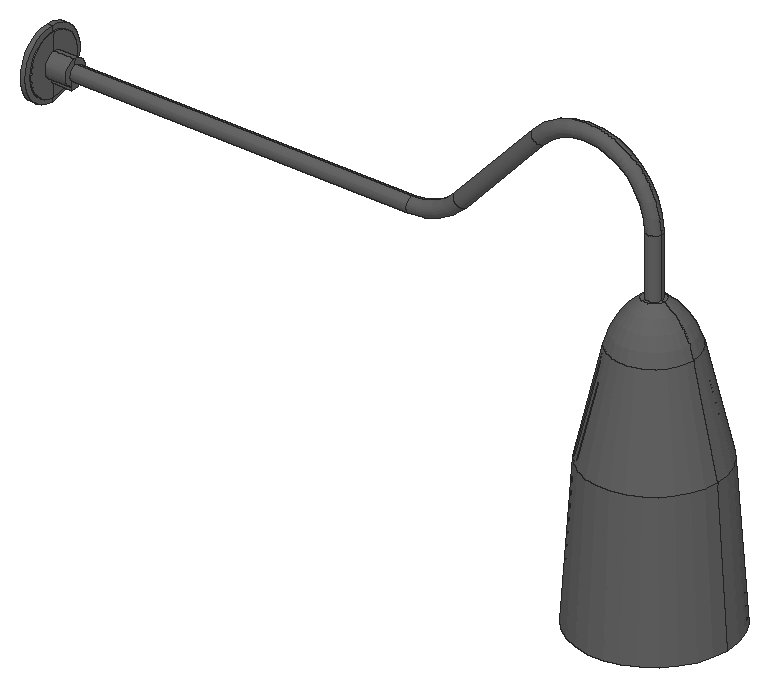
Revit family "Parabowl 08,10 LED", category Lighting Fixtures, Revit 2020
Family settings
  Round Connector Dimension = Use Diameter
  Part Type = Normal
  OmniClass Number = 23.80.70.00
  OmniClass Title = Lighting
  Work Plane-Based = No
  Always vertical = Yes
  Cut with Voids When Loaded = No
  Light Source = Yes
  Shared = No
  Room Calculation Point = No
Parameters (values of type "PB10")
  b = 0' - 2"
  a = 1' - 1"
  Weight = "4.0 lbs"
  Wattage Comments = "16 W"
  Wattage = 13.4642 W
  Warranty = "5 year limited warranty"  # constant formula
  built-in parameter 1150110 = 1 (stored number, unit not read)
  Voltage = 277 V  # constant formula
  URL = "https://www.anplighting.com/assets/Uploads/product-attachments/specification-sheets/ANP-Specification-Sheet-RLM-LED-PB10.pdf"
  built-in parameter 1114217 = 1 (stored number, unit not read)
  Tilt Angle = 90.00°
  built-in parameter 1150109 = 1 (stored number, unit not read)
  built-in parameter 1150134 = 12
  built-in parameter 1150113 = 1 (stored number, unit not read)
  Photometric Web File = "generic.ies"
  PB10 = yes
  PB08 = no
  Mounting Option [instance] = 4
  Power Factor = 1
  Post Mount [instance] = Mounting Option = 5  # no
  Placement X axis side [instance] = if(Post Mount, 2' 2 15/32", if(Cord or Stem Mount, 0' 0", if(E36 20 inch, 1' 8 1/4", if(E 6 26 inch, 2' 2", if(E7 41 inch, 3' 5 1/4", 0' 1")))))  # 3' - 5 1/4"
  Model = "PB10"
  Manufacturer = "ANP Lighting"  # constant formula
  built-in parameter 1150105 = 159.15 (stored number, unit not read)
  Lumens = 2000 lm
  built-in parameter 1150115 = 1 (stored number, unit not read)
  Load Classification = Lighting
  Light Source Height [instance] = 0' - 0"
  built-in parameter 1150137 = (empty or 0)
  built-in parameter 1150139 = (empty or 0)
  Light Elevation _2 [instance] = if(Post Mount, 0' 0.66142", if(E7 41 inch, 0' 0.66142", if(E36 20 inch, 0' 1.65748", if(E 6 26 inch, 0' 1.53543", if(Cord or Stem Mount, (0' 4.3622" + Cord Length), 0' 0")))))  # 0' - 0.66142"
  Light Elevation _1 [instance] = if(Post Mount, 0' 0", if(E7 41 inch, 0' 0", if(E36 20 inch, 0' 1", if(E 6 26 inch, 0' 0.87402", if(Cord or Stem Mount, (0' 3.66142" + Cord Length), 0' 0")))))  # 0' - 0"
  Light Elevation [instance] = if(Post Mount, 14' 0.5315", if(E7 41 inch, 0' 0", 0' 0"))  # 0' - 0"
  Life = "L70 50,000 hours"  # constant formula
  built-in parameter 1150112 = 1 (stored number, unit not read)
  built-in parameter 1150114 = 1 (stored number, unit not read)
  Lamp = "LED"
  built-in parameter 1150132 = 2
  built-in parameter 1150102 = (empty or 0)
  built-in parameter 1150107 = 4000 (stored number, unit not read)
  built-in parameter 1150138 = (empty or 0)
  built-in parameter 1150106 = 1.5915 (stored number, unit not read)
  INSIDE BODY = Default
  Fixture Height = 1' - 7 3/4"
  Fixture Diameter = 0' - 10"
  Efficiency = "97-125 lumens per watt"  # constant formula
  built-in parameter 1150104 = 13.8 (stored number, unit not read)
  E7 41 inch [instance] = Mounting Option = 4  # yes
  E36 20 inch [instance] = Mounting Option = 3  # no
  E 6 26 inch [instance] = Mounting Option = 2  # no
  Dimming Lamp Color Temperature Shift = <None>
  Dimming = "1%"  # constant formula
  Description = "120-277 Voltage"  # constant formula
  Default Elevation = 0' - 0"
  Cord or Stem Mount [instance] = Mounting Option = 1  # no
  Cord Length option [instance] = 0
  Cord Length [instance] = if([2' Cord], 2' 0", if([4' Cord], 4' 0", if([8' Cord], 8' 0", if([10' Cord], 10' 0", if([6' Cord], 6' 0", 6' 0")))))  # 6' - 0"
  Construction Material = "Heavy Duty spun aluminum."  # constant formula
  Color Filter = 16777215
  Canopy Body = body
  CRI = ">90"  # constant formula
  Bulb = BULB
  Body Material = body
  Body Colour = "Spun aluminium"  # constant formula
  built-in parameter 1114218 = 1 (stored number, unit not read)
  built-in parameter 1150133 = 10 (stored number, unit not read)
  Apparent Load = 16 VA
  8' Cord [instance] = Cord Length option = 8  # no
  6' Cord [instance] = Cord Length option = 6  # no
  4' Cord [instance] = Cord Length option = 4  # no
  2' Cord [instance] = Cord Length option = 2  # no
  10' Cord [instance] = Cord Length option = 10  # no
Types (3): name | a | Weight | URL | PB10 | PB08 | Model | Fixture Height | Fixture Diameter
  (no name) | 1' - 1" | "4.0 lbs" | "https://www.anplighting.com/assets/Uploads/product-attachments/specification-sheets/ANP-Specification-Sheet-RLM-LED-PB10.pdf" | yes | no | "PB10" | 1' - 7 3/4" | 0' - 10"
  PB08 | 0' - 11" | "2.5 lbs" | "https://www.anplighting.com/assets/Uploads/product-attachments/specification-sheets/ANP-Specification-Sheet-RLM-LED-PB08.pdf" | no | yes | "PB08" | 1' - 3 3/4" | 0' - 8"
  PB10 | 1' - 1" | "4.0 lbs" | "https://www.anplighting.com/assets/Uploads/product-attachments/specification-sheets/ANP-Specification-Sheet-RLM-LED-PB10.pdf" | yes | no | "PB10" | 1' - 7 3/4" | 0' - 10"
Reference planes (in)
  plane 1 "Light Source Axis (F/B)": y = 0
  plane 2: z = 0
  plane 3 "Light Source Axis (L/R)": x = 0
  plane 4 "Light Source Elevation": z = 0
  plane 5: z = 0
  plane 6: x = 41.25
  plane 7 "Bulb Position": z = -0.66142
  plane 8 "Canopy Position": z = 0
  plane 9 "IES": z = -0.66142
  plane 10: z = 164.5315
  plane 11: z = -13
  plane 12: z = -11
  plane 13: z = -8.56887
Dimensions and locks (in)
  "Light Elevation": plane 5 to plane 2
  "Placement X axis side": plane 6 to plane 3 "Light Source Axis (L/R)"
  "Light Elevation _2": plane 5 to plane 7 "Bulb Position"
  "Light Elevation _1": plane 5 to plane 8 "Canopy Position"
  "Light Source Height": plane 7 "Bulb Position" to plane 9 "IES"
  plane 4 "Light Source Elevation" to plane 2 = 0' - 0"
  "a": plane 8 "Canopy Position" to plane 11
  "b": plane 12 to plane 11
  locked: plane 13 to plane 12 at 2.43113
  aligned and locked: level to plane 2
  aligned and locked: plane 1 "Light Source Axis (F/B)" to nested 5
  aligned and locked: nested 5 to plane 2
  aligned and locked: nested 1 to plane 3 "Light Source Axis (L/R)"
  aligned and locked: plane 3 "Light Source Axis (L/R)" to nested 2
  aligned and locked: plane 3 "Light Source Axis (L/R)" to nested 4
  aligned and locked: nested 3 to plane 5
  aligned and locked: plane 3 "Light Source Axis (L/R)" to nested 3
  aligned and locked: plane 3 "Light Source Axis (L/R)" to nested 5
  aligned and locked: plane 1 "Light Source Axis (F/B)" to nested 2
  aligned and locked: plane 1 "Light Source Axis (F/B)" to nested 1
  aligned and locked: plane 1 "Light Source Axis (F/B)" to nested 4
  aligned and locked: plane 1 "Light Source Axis (F/B)" to nested 3
  aligned and locked: plane 2 to nested 1
  aligned and locked: nested 2 to plane 2
  aligned and locked: nested 4 to plane 2
  aligned and locked: plane 6 to imposter light
  aligned and locked: imposter light to plane 12
  aligned and locked: nested 6 to plane 8 "Canopy Position"
  aligned and locked: nested 7 to plane 8 "Canopy Position"
  aligned and locked: plane 6 to nested 6
  aligned and locked: plane 6 to nested 7
Nested families (in)
  nested 1: "CORD OR STEM MOUNT" at (0, 0, -75.67), visible <- "Cord or Stem Mount", Cord or Stem Mount <- "Cord or Stem Mount", Body Material <- "Body Material", Light Elevation <- "Light Elevation", Cord Length <- "Cord Length", 10' Cord <- "10' Cord", 2' Cord <- "2' Cord", 4' Cord <- "4' Cord", 6' Cord <- "6' Cord", 8' Cord <- "8' Cord", type "CORD OR STEM MOUNT"
    with Light Elevation 0' - 0", Cord or Stem Mount no, Cord Length 6' - 0", Body Material body, 8' Cord no, 6' Cord no, 4' Cord no, 2' Cord no, 10' Cord no
  nested 2: "E6 26 INCH" at (41.25, 0, 0), visible <- "E 6 26 inch", Chain Length <- "Cord Length", E 6 26 inch <- "E 6 26 inch", Placement X axis side <- "Placement X axis side", Body Material <- "Body Material", Light Elevation <- "Light Elevation", type "E6 26 INCH"
    with Placement X axis side 3' - 5 1/4", Light Elevation 0' - 0", E 6 26 inch no, Chain Length 6' - 0", Body Material body
  nested 3: "E7 41 INCH" at (41.25, 0, 0), Chain Length <- "Cord Length", visible <- "E7 41 inch", E7 41 inch <- "E7 41 inch", Placement X axis side <- "Placement X axis side", Body Material <- "Body Material", Light Elevation <- "Light Elevation", type "E7 41 INCH"
    with Placement X axis side 3' - 5 1/4", Light Elevation 0' - 0", E7 41 inch yes, Chain Length 6' - 0", Body Material body
  nested 4: "E36 20 INCH" at (41.25, 0, 0), visible <- "E36 20 inch", E36 20 inch <- "E36 20 inch", Placement X axis side <- "Placement X axis side", Chain Length <- "Cord Length", Body Material <- "Body Material", Light Elevation <- "Light Elevation", type "E36 20 INCH"
    with Placement X axis side 3' - 5 1/4", Light Elevation 0' - 0", E36 20 inch no, Chain Length 6' - 0", Body Material body
  nested 5: "POST MOUNT" at (41.25, 0, 0), visible <- "Post Mount", Post Mount <- "Post Mount", Placement X axis side <- "Placement X axis side", Chain Length <- "Cord Length", Body Material <- "Body Material", Light Elevation <- "Light Elevation", type "POST MOUNT"
    with Post Mount no, Placement X axis side 3' - 5 1/4", Light Elevation 0' - 0", Chain Length 6' - 0", Body Material body
  nested 6: "PB08 A_" at (41.25, 0, 0), Body <- "Canopy Body", Light Elevation <- "Light Elevation", visible <- "PB08", PB08 <- "PB08", Bulb <- "Bulb", INSIDE BODY <- "INSIDE BODY", type "PB08 A_"
    with PB08 no, Light Elevation 0' - 0", INSIDE BODY Default, Bulb BULB, Body body
  nested 7: "PB10" at (41.25, 0, 0), Body <- "Canopy Body", Light Elevation <- "Light Elevation", visible <- "PB10", PB10 <- "PB10", Bulb <- "Bulb", INSIDE BODY <- "INSIDE BODY", type "PB10"
    with PB10 yes, Light Elevation 0' - 0", INSIDE BODY Default, Bulb BULB, Body body
Definition of nested family "E7 41 INCH"
  Parameters (values of type "E7 41 INCH")
    URL = ""
    Placement X axis side [instance] = 4' - 2"
    Model = ""
    Manufacturer = ""
    Light Elevation [instance] = 8' - 4"
    E7 41 inch [instance] = yes
    Default Elevation = 0' - 0"
    Chain Length [instance] = 0' - 0"
    Body Material [instance] = none
  Reference planes (in)
    plane 1 "Light Source Axis (F/B)": y = 0
    plane 2: z = 0
    plane 3 "Light Source Axis (L/R)": x = 0
    plane 4 "Light Source Elevation": z = 23.125
    plane 5: z = 100
    plane 6: x = -50
  Forms (in)
    Extrusion 1, void, not visible
      sketch origin (0, 0, 2.38154) x (1, 0, 0) y (0, 0, 1)
        loop
          circle (0, 4.59925) r 0.16583
      from 1.18594 to 1.75
    Extrusion 2, void, not visible
      sketch origin (0, 0, 2.38154) x (0.707107, -0.707107, 0) y (0, 0, 1)
        loop
          circle (0, 4.59925) r 0.16583
      from 1.18594 to 1.75
    Extrusion 3, void, not visible
      sketch origin (0, 0, 2.38154) x (0.707107, 0.707107, 0) y (0, 0, 1)
        loop
          circle (0, 4.59925) r 0.16583
      from 1.18594 to 1.75
    Extrusion 4, void, not visible
      sketch origin (0, 0, 2.38154) x (0, 1, 0) y (0, 0, 1)
        loop
          circle (0, 4.59925) r 0.16583
      from 1.18594 to 1.75
    Extrusion 5, void, not visible
      sketch origin (0, 0, 2.38154) x (-0.707107, 0.707107, 0) y (0, 0, 1)
        loop
          circle (0, 4.59925) r 0.16583
      from 1.18594 to 1.75
    Extrusion 6, void, not visible
      sketch origin (0, 0, 2.38154) x (-1, 0, 0) y (0, 0, 1)
        loop
          circle (0, 4.59925) r 0.20678
      from 1.18594 to 1.75
    Extrusion 7, void, not visible
      sketch origin (0, 0, 2.38154) x (-0.707107, -0.707107, 0) y (0, 0, 1)
        loop
          circle (0, 4.59925) r 0.16583
      from 1.18594 to 1.75
    Extrusion 8, void, not visible
      sketch origin (0, 0, 2.38154) x (0, -1, 0) y (0, 0, 1)
        loop
          circle (0, 4.59925) r 0.16583
      from 1.18594 to 1.75
    Revolve 9, solid, material <- "Body Material", visible <- "E7 41 inch"
      sketch origin (-41.25, 0, 168.39193) x (1, 0, 0) y (0, 0, 1)
        loop
          line (-8.75, -66.20443) -> (-8.75, -68.51693) -> (-6.87, -68.51693) -> (-6.87, -67.69272) -> (-8.2974, -67.69272) -> (-8.2974, -66.54122) -> (-8.41875, -66.54122) -> (-8.41875, -66.20443) -> (-8.75, -66.20443)
        axis (-8.75, -68.51693) -> (-6.87, -68.51693)
      angle from 0 to 360
    Extrusion 10, solid, material <- "Body Material", visible <- "E7 41 inch"
      sketch origin (-41.25, 0, 168.39193) x (0, -1, 0) y (0, 0, -1)
        loop
          line (0.25, 68.51693) -> (0.25, 69.51693) -> (-0.25, 69.51693) -> (-0.25, 68.51693) -> (0.25, 68.51693)
      from -8.2974 to -6.87
    Sweep 11, solid, material <- "Body Material", visible <- "E7 41 inch"
      path origin (-41.25, 0, 168.39193) x (1, 0, 0) y (0, 0, 1)
        loop
          line (-6.87, -68.51693) -> (16.04011, -68.51693)
          arc (16.04011, -68.51693) -> (17.864, -68.13651) -> (19.38375, -67.0587) r 4.5625
          line (19.38375, -67.0587) -> (24.70217, -61.33018)
          arc (24.70217, -61.33018) -> (29.64465, -60.20324) -> (32.5, -64.39193) r 4.5
          line (32.5, -64.39193) -> (32.5, -68.39193)
      profile origin (-36.66494, 0, 99.875) x (0, 0, 1) y (0, -1, 0)
        loop
          circle (0, 0) r 0.5
  Dimensions and locks (in)
    "Placement X axis side": plane 3 "Light Source Axis (L/R)" to plane 6
    "Light Elevation": plane 5 to plane 2
    locked: Revolve 9 sketch curve to Revolve 9 sketch curve at 0.33125
    locked: Revolve 9 sketch curve to Revolve 9 sketch curve at 0.4526
    locked: Revolve 9 sketch curve to Revolve 9 sketch curve at 1.88
    locked: Revolve 9 sketch curve to Revolve 9 sketch curve at 0.82421
    locked: Revolve 9 sketch curve to Revolve 9 sketch curve at 1.1515
    locked: Revolve 9 sketch curve to Revolve 9 sketch curve at 0.33679
    locked: plane 5 to Revolve 9 sketch curve at 0.125
    locked: Extrusion 10 sketch curve to Extrusion 10 sketch curve at 0.5
    locked: Extrusion 10 sketch curve to Extrusion 10 sketch curve at 1
    locked: plane 5 to Extrusion 10 sketch curve at 0.125
    locked: plane 5 to Sweep 11 sketch curve at 0.125
    locked: Sweep 11 sketch curve to Sweep 11 sketch curve at 39.37
    locked: Sweep 11 sketch curve to Sweep 11 sketch curve at 4
    locked: plane 6 to Extrusion 10 at 0.4526
    locked: Sweep 11 sketch curve to plane 6 at 1.88
    locked: Extrusion 10 to Extrusion 10 at 1.4274
    aligned and locked: plane 2 to level
    aligned and locked: Revolve 9 sketch curve to plane 6
  Automatic sketch dimensions
    Revolve 9 sketch curve to plane 5 = 0' - 0 1/8"
    plane 6 to Revolve 9 sketch curve = 0' - 0.62562"
    Revolve 9 sketch curve to Revolve 9 sketch curve = 0' - 0 1/2"
    plane 1 "Light Source Axis (F/B)" to Extrusion 10 sketch curve = 0' - 0 1/4"
    Sweep 11 sketch curve to plane 5 = 0' - 0"
    Sweep 11 sketch curve to Sweep 11 sketch curve = 0' - 4 1/2"
    Sweep 11 sketch curve to Sweep 11 sketch curve = 0' - 3.29783"
    plane 5 to Sweep 11 sketch curve = 0' - 1.33323"
    Sweep 11 sketch curve to Sweep 11 sketch curve = 0' - 5.31842"
    Sweep 11 sketch curve to Sweep 11 sketch curve = 0' - 3.34364"
    profile plane to Sweep 11 sketch curve = 0' - 0"
    Sweep 11 sketch curve to profile plane = 0' - 0"
    radius of Sweep 11 sketch curve = 0' - 0 1/2"
Definition of nested family "PB10"
  Parameters (values of type "PB10")
    PB10 [instance] = yes
    Light Elevation [instance] = 0' - 0"
    INSIDE BODY [instance] = none
    Default Elevation = 0' - 0"
    Bulb [instance] = none
    Body [instance] = none
  Reference planes (in)
    plane 1 "Center (Front/Back)": y = 0
    plane 2: z = 0
    plane 3 "Center (Left/Right)": x = 0
    plane 4: z = 0
  Dimensions and locks (in)
    "Light Elevation": plane 4 to plane 2
    aligned and locked: plane 2 to level
    aligned and locked: plane 3 "Center (Left/Right)" to nested 1
    aligned and locked: plane 1 "Center (Front/Back)" to nested 1
    aligned and locked: plane 4 to nested 1
  Nested families (in)
    nested 1: "Family1" at (0, 0, -19.75), INSIDE BODY <- "INSIDE BODY", Bulb <- "Bulb", Body <- "Body", visible <- "PB10", PB10 <- "PB10", type "Family1"
      with PB10 yes, INSIDE BODY none, Bulb none, Body none
  Definition of nested family "Family1"
    Parameters (values of type "Family1")
      PB10 [instance] = yes
      INSIDE BODY [instance] = none
      Default Elevation = 0' - 0"
      Bulb [instance] = none
      Body [instance] = none
    Reference planes (in)
      plane 1 "Center (Front/Back)": y = 0
      plane 2: z = 0
      plane 3 "Center (Left/Right)": x = 0
    Forms (in)
      Revolve 1, solid, material <- "Body", visible <- "PB10"
        sketch origin (0, 0, 0) x (1, 0, 0) y (0, 0, 1)
          loop
            line (4.89999, 0) -> (5, 0)
            arc (5, 0) -> (4.87847, 5.00888) -> (4.34925, 9.9912) r 61.44615
            arc (4.34925, 9.9912) -> (3.67992, 13.45611) -> (2.70718, 16.84837) r 39.91572
            arc (2.70718, 16.84837) -> (1.99137, 18.47643) -> (0.75, 19.75) r 4.98934
            line (0.75, 19.75) -> (0.12325, 19.75) -> (0.12325, 19.65) -> (0.71784, 19.65)
            arc (0.71784, 19.65) -> (1.91857, 18.40547) -> (2.61095, 16.8208) r 4.88934
            arc (2.61095, 16.8208) -> (3.58216, 13.43499) -> (4.25033, 9.97659) r 39.81572
            arc (4.25033, 9.97659) -> (4.77873, 5.00155) -> (4.89999, 0) r 61.34615
          axis (0, 0) -> (0, 19.75)
        angle from 0 to 360
      Revolve 2, solid, material <- "INSIDE BODY", visible <- "PB10"
        sketch origin (0, 0, 0) x (1, 0, 0) y (0, 0, 1)
          loop
            line (0.12325, 19.63438) -> (0.12325, 19.53438) -> (0.5954, 19.53438)
            arc (0.5954, 19.53438) -> (1.12651, 19.06571) -> (1.58914, 18.52933) r 5.20956
            arc (1.58914, 18.52933) -> (2.08605, 17.70336) -> (2.40521, 16.79381) r 4.73033
            arc (2.40521, 16.79381) -> (3.38269, 13.30702) -> (4.09916, 9.7574) r 48.84398
            arc (4.09916, 9.7574) -> (4.57085, 4.88936) -> (4.6906, 0) r 67.8439
            line (4.6906, 0) -> (4.79061, 0)
            arc (4.79061, 0) -> (4.67058, 4.89673) -> (4.19808, 9.77208) r 67.9439
            arc (4.19808, 9.77208) -> (3.48052, 13.32789) -> (2.50157, 16.8208) r 48.94398
            arc (2.50157, 16.8208) -> (2.17574, 17.74762) -> (1.66913, 18.58934) r 4.83033
            arc (1.66913, 18.58934) -> (1.18561, 19.14813) -> (0.62919, 19.63438) r 5.30956
            line (0.62919, 19.63438) -> (0.12325, 19.63438)
          axis (0, 0) -> (0, 19.63438)
        angle from 0 to 360
      Revolve 3, solid, material <- "Bulb", visible <- "PB10"
        sketch origin (0, 0, 0) x (1, 0, 0) y (0, 0, 1)
          loop
            arc (0, 8.5) -> (0.8995, 8.87258) -> (1.27208, 9.77208) r 1.27208
            line (1.27208, 9.77208) -> (1.77208, 9.77208) -> (1.77208, 10.02208) -> (1.49331, 10.02208) -> (1.49331, 11.02208) -> (0, 11.02208) -> (0, 10.97208) -> (1.44331, 10.97208) -> (1.44331, 9.97208) -> (1.72208, 9.97208) -> (1.72208, 9.82208) -> (1.22106, 9.82208)
            arc (1.22106, 9.82208) -> (0.88164, 8.9258) -> (0, 8.55) r 1.22208
            line (0, 8.55) -> (0, 8.5)
          axis (0, 8.5) -> (0, 11.02208)
        angle from 0 to 360
    Dimensions and locks (in)
      locked: Revolve 3 to plane 2 at 11.02208
      aligned and locked: plane 2 to level
Definition of nested family "CORD OR STEM MOUNT"
  Parameters (values of type "CORD OR STEM MOUNT")
    URL = ""
    Model = ""
    Manufacturer = ""
    Light Elevation [instance] = 1' - 7.69"
    Default Elevation = 0' - 0"
    Cord or Stem Mount [instance] = yes
    Cord Length [instance] = 6' - 0"
    Body Material [instance] = none
    8' Cord [instance] = no
    6' Cord [instance] = no
    4' Cord [instance] = no
    2' Cord [instance] = no
    10' Cord [instance] = no
  Reference planes (in)
    plane 1 "Light Source Axis (F/B)": y = 0
    plane 2: z = 0
    plane 3 "Light Source Axis (L/R)": x = 0
    plane 4 "Light Source Elevation": z = 23.125
    plane 5: z = 91.69
    plane 6: z = 19.69
  Forms (in)
    Extrusion 1, void, not visible
      sketch origin (0, 0, 2.38154) x (1, 0, 0) y (0, 0, 1)
        loop
          circle (0, 4.59925) r 0.16583
      from 1.18594 to 1.75
    Extrusion 2, void, not visible
      sketch origin (0, 0, 2.38154) x (0.707107, -0.707107, 0) y (0, 0, 1)
        loop
          circle (0, 4.59925) r 0.16583
      from 1.18594 to 1.75
    Extrusion 3, void, not visible
      sketch origin (0, 0, 2.38154) x (0.707107, 0.707107, 0) y (0, 0, 1)
        loop
          circle (0, 4.59925) r 0.16583
      from 1.18594 to 1.75
    Extrusion 4, void, not visible
      sketch origin (0, 0, 2.38154) x (0, 1, 0) y (0, 0, 1)
        loop
          circle (0, 4.59925) r 0.16583
      from 1.18594 to 1.75
    Extrusion 5, void, not visible
      sketch origin (0, 0, 2.38154) x (-0.707107, 0.707107, 0) y (0, 0, 1)
        loop
          circle (0, 4.59925) r 0.16583
      from 1.18594 to 1.75
    Extrusion 6, void, not visible
      sketch origin (0, 0, 2.38154) x (-1, 0, 0) y (0, 0, 1)
        loop
          circle (0, 4.59925) r 0.20678
      from 1.18594 to 1.75
    Extrusion 7, void, not visible
      sketch origin (0, 0, 2.38154) x (-0.707107, -0.707107, 0) y (0, 0, 1)
        loop
          circle (0, 4.59925) r 0.16583
      from 1.18594 to 1.75
    Extrusion 8, void, not visible
      sketch origin (0, 0, 2.38154) x (0, -1, 0) y (0, 0, 1)
        loop
          circle (0, 4.59925) r 0.16583
      from 1.18594 to 1.75
    Revolve 9, solid, material <- "Body Material", visible <- "Cord or Stem Mount"
      sketch origin (0, 0, 174.56698) x (1, 0, 0) y (0, 0, 1)
        loop
          line (2.6875, -79.20698) -> (0, -79.20698) -> (0, -82.87698) -> (0.125, -82.87698) -> (0.125, -82.83698) -> (0.75, -82.83698)
          arc (0.75, -82.83698) -> (0.81694, -82.77004) -> (0.75, -82.7031) r 0.06694
          line (0.75, -82.7031) -> (0.89763, -82.7031) -> (1.00223, -82.5985) -> (1.06587, -82.5985)
          arc (1.06587, -82.5985) -> (1.80099, -82.29401) -> (2.10549, -81.55888) r 1.03962
          line (2.10549, -81.55888) -> (2.10549, -81.03899)
          arc (2.10549, -81.03899) -> (2.12951, -80.981) -> (2.1875, -80.95698) r 0.08201
          line (2.1875, -80.95698) -> (2.1875, -80.70698) -> (2.6875, -80.70698) -> (2.6875, -79.20698)
        axis (0, -79.20698) -> (0, -82.87698)
      angle from 0 to 360
    Revolve 10, solid, material <- "Body Material", visible <- "Cord or Stem Mount"
      sketch origin (0, 0, 0) x (1, 0, 0) y (0, 0, 1)
        loop
          line (0, 91.69) -> (-0.125, 91.69) -> (-0.125, 19.69) -> (0, 19.69) -> (0, 91.69)
        axis (0, 19.69) -> (0, 91.69)
      angle from 0 to 360
  Dimensions and locks (in)
    "Light Elevation": plane 6 to plane 2
    "Cord Length": plane 5 to plane 6
    locked: Revolve 10 sketch curve to Revolve 10 sketch curve at 0.125
    aligned and locked: level to plane 2
    aligned and locked: Revolve 10 sketch curve to plane 3 "Light Source Axis (L/R)"
    aligned and locked: Revolve 10 sketch curve to plane 6
    aligned and locked: Revolve 10 sketch curve to plane 5
    aligned and locked: plane 3 "Light Source Axis (L/R)" to Revolve 10 sketch curve
  Automatic sketch dimensions
    Revolve 9 sketch curve to plane 3 "Light Source Axis (L/R)" = 0' - 0"  (x2)
    Revolve 9 sketch curve to plane 5 = 0' - 0"
    plane 3 "Light Source Axis (L/R)" to Revolve 9 sketch curve = 0' - 0 1/8"
    Revolve 9 sketch curve to plane 5 = 0' - 0.17388"
    Revolve 9 sketch curve to Revolve 9 sketch curve = 0' - 0 5/8"
    Revolve 9 sketch curve to Revolve 9 sketch curve = 0' - 0.14763"
    Revolve 9 sketch curve to plane 5 = 0' - 0.27847"
    Revolve 9 sketch curve to Revolve 9 sketch curve = 0' - 0.1046"
    Revolve 9 sketch curve to Revolve 9 sketch curve = 0' - 0.06364"
    Revolve 9 sketch curve to Revolve 9 sketch curve = 0' - 1.03962"
    Revolve 9 sketch curve to Revolve 9 sketch curve = 0' - 0 21/256"
    Revolve 9 sketch curve to Revolve 9 sketch curve = 0' - 0 1/2"  (x2)
    Revolve 9 sketch curve to Revolve 9 sketch curve = 0' - 0.51989"
    Revolve 9 sketch curve to Revolve 9 sketch curve = 0' - 0 1/4"
    Revolve 9 sketch curve to Revolve 9 sketch curve = 0' - 2.3519"
    Revolve 9 sketch curve to Revolve 9 sketch curve = 0' - 1 1/4"
    Revolve 9 sketch curve to Revolve 9 sketch curve = 0' - 0.04"
    Revolve 10 sketch curve to Revolve 10 sketch curve = 0' - 0 1/2"
    Revolve 10 sketch curve to Revolve 10 sketch curve = 0' - 0.42345"
Definition of nested family "E6 26 INCH"
  Parameters (values of type "E6 26 INCH")
    URL = ""
    Placement X axis side [instance] = 2' - 2"
    Model = ""
    Manufacturer = ""
    Light Elevation [instance] = 8' - 4"
    E 6 26 inch [instance] = yes
    Default Elevation = 0' - 0"
    Chain Length [instance] = 0' - 0"
    Body Material [instance] = none
  Reference planes (in)
    plane 1 "Light Source Axis (F/B)": y = 0
    plane 2: z = 0
    plane 3 "Light Source Axis (L/R)": x = 0
    plane 4 "Light Source Elevation": z = 23.125
    plane 5: z = 100
    plane 6: x = -26
    plane 7: z = 99.125
    plane 8: x = -24.12
    plane 9: x = -25.5474
  Forms (in)
    Extrusion 1, void, not visible
      sketch origin (0, 0, 2.38154) x (1, 0, 0) y (0, 0, 1)
        loop
          circle (0, 4.59925) r 0.16583
      from 1.18594 to 1.75
    Extrusion 2, void, not visible
      sketch origin (0, 0, 2.38154) x (0.707107, -0.707107, 0) y (0, 0, 1)
        loop
          circle (0, 4.59925) r 0.16583
      from 1.18594 to 1.75
    Extrusion 3, void, not visible
      sketch origin (0, 0, 2.38154) x (0.707107, 0.707107, 0) y (0, 0, 1)
        loop
          circle (0, 4.59925) r 0.16583
      from 1.18594 to 1.75
    Extrusion 4, void, not visible
      sketch origin (0, 0, 2.38154) x (0, 1, 0) y (0, 0, 1)
        loop
          circle (0, 4.59925) r 0.16583
      from 1.18594 to 1.75
    Extrusion 5, void, not visible
      sketch origin (0, 0, 2.38154) x (-0.707107, 0.707107, 0) y (0, 0, 1)
        loop
          circle (0, 4.59925) r 0.16583
      from 1.18594 to 1.75
    Extrusion 6, void, not visible
      sketch origin (0, 0, 2.38154) x (-1, 0, 0) y (0, 0, 1)
        loop
          circle (0, 4.59925) r 0.20678
      from 1.18594 to 1.75
    Extrusion 7, void, not visible
      sketch origin (0, 0, 2.38154) x (-0.707107, -0.707107, 0) y (0, 0, 1)
        loop
          circle (0, 4.59925) r 0.16583
      from 1.18594 to 1.75
    Extrusion 8, void, not visible
      sketch origin (0, 0, 2.38154) x (0, -1, 0) y (0, 0, 1)
        loop
          circle (0, 4.59925) r 0.16583
      from 1.18594 to 1.75
    Sweep 9, solid, material <- "Body Material", visible <- "E 6 26 inch"
      path origin (-41.25, 0, 168.51693) x (1, 0, 0) y (0, 0, 1)
        loop
          line (17.13, -68.51693) -> (27.68551, -68.51693)
          arc (27.68551, -68.51693) -> (28.47996, -68.34486) -> (29.13202, -67.8595) r 1.92004
          line (29.13202, -67.8595) -> (34.23651, -62.01155)
          arc (34.23651, -62.01155) -> (38.65464, -60.89667) -> (41.25, -64.64193) r 4
          line (41.25, -64.64193) -> (41.25, -69.39193)
      profile origin (-18.84224, 0, 100) x (0, 0, 1) y (0, -1, 0)
        loop
          circle (0, 0) r 0.5
    Revolve 10, solid, material <- "Body Material", visible <- "E 6 26 inch"
      sketch origin (-26, 0, 168.51693) x (1, 0, 0) y (0, 0, 1)
        loop
          line (0, -66.07943) -> (0, -68.51693) -> (1.88, -68.51693) -> (1.88, -67.69272) -> (0.4526, -67.69272) -> (0.4526, -66.54122) -> (0.33125, -66.54122) -> (0.33125, -66.07943) -> (0, -66.07943)
        axis (0, -68.51693) -> (1.88, -68.51693)
      angle from 0 to 360
    Extrusion 11, solid, material <- "Body Material", visible <- "E 6 26 inch"
      sketch origin (-26, 0, 168.51693) x (0, -1, 0) y (0, 0, -1)
        loop
          line (0.25, 68.51693) -> (0.25, 69.51693) -> (-0.25, 69.51693) -> (-0.25, 68.51693) -> (0.25, 68.51693)
      from 0.4526 to 1.88
  Cuts and joins
    joined: Revolve 10, Extrusion 11
  Dimensions and locks (in)
    "Light Elevation": plane 5 to plane 2
    "Placement X axis side": plane 3 "Light Source Axis (L/R)" to plane 6
    locked: plane 5 to plane 7 at 0.875
    Revolve 10 sketch curve to Revolve 10 sketch curve to Revolve 10 sketch curve to plane 6 = 0' - 1.4274" locked, 0' - 0.12135" locked, 0' - 0.33125" locked
    Revolve 10 sketch curve to Revolve 10 sketch curve to Revolve 10 sketch curve to plane 5 = 0' - 0.46179" locked, 0' - 1.1515" locked, 0' - 0 211/256" locked
    locked: Sweep 9 sketch curve to plane 6 at 1.88
    locked: Sweep 9 sketch curve to Sweep 9 sketch curve at 10.55551
    locked: Sweep 9 sketch curve to Sweep 9 sketch curve at 13.56449
    locked: Sweep 9 sketch curve to Sweep 9 sketch curve at 4.75
    locked: plane 9 to plane 6 at 0.4526
    locked: plane 8 to plane 9 at 1.4274
    aligned and locked: level to plane 2
    aligned and locked: Revolve 10 sketch curve to plane 6
    aligned and locked: plane 5 to Revolve 10 sketch curve
    aligned and locked: Revolve 10 sketch curve to plane 5
    aligned and locked: cut or joined group of Revolve 10, Extrusion 11 to plane 9
    aligned and locked: plane 8 to cut or joined group of Revolve 10, Extrusion 11
  Automatic sketch dimensions
    Sweep 9 sketch curve to plane 5 = 0' - 0"
    Sweep 9 sketch curve to Sweep 9 sketch curve = 0' - 4"
    Sweep 9 sketch curve to Sweep 9 sketch curve = 0' - 3.01349"
    plane 5 to Sweep 9 sketch curve = 0' - 0.65743"
    Sweep 9 sketch curve to Sweep 9 sketch curve = 0' - 1.4465"
    Sweep 9 sketch curve to plane 5 = 0' - 0 7/8"
    profile plane to Sweep 9 sketch curve = 0' - 0"
    Sweep 9 sketch curve to profile plane = 0' - 0"
    plane 6 to Revolve 10 sketch curve = 0' - 0.62562"
    Revolve 10 sketch curve to Revolve 10 sketch curve = 0' - 0 1/2"
    Extrusion 11 sketch curve to plane 5 = 0' - 0"
    plane 1 "Light Source Axis (F/B)" to Extrusion 11 sketch curve = 0' - 0 1/4"
    Extrusion 11 sketch curve to plane 1 "Light Source Axis (F/B)" = 0' - 0 1/4"
    plane 5 to Extrusion 11 sketch curve = 0' - 1"
    radius of Sweep 9 sketch curve = 0' - 0 1/2"
Definition of nested family "E36 20 INCH"
  Parameters (values of type "E36 20 INCH")
    URL = ""
    Placement X axis side [instance] = 1' - 8 1/4"
    Model = ""
    Manufacturer = ""
    Light Elevation [instance] = 8' - 4"
    E36 20 inch [instance] = yes
    Default Elevation = 0' - 0"
    Chain Length [instance] = 0' - 0"
    Body Material [instance] = none
  Reference planes (in)
    plane 1 "Light Source Axis (F/B)": y = 0
    plane 2: z = 0
    plane 3 "Light Source Axis (L/R)": x = 0
    plane 4 "Light Source Elevation": z = 23.125
    plane 5: z = 99
    plane 6: x = -20.25
    plane 7: z = 100
    plane 8: x = -18.37008
    plane 9: x = -19.79724
  Forms (in)
    Extrusion 1, void, not visible
      sketch origin (0, 0, 2.38154) x (1, 0, 0) y (0, 0, 1)
        loop
          circle (0, 4.59925) r 0.16583
      from 1.18594 to 1.75
    Extrusion 2, void, not visible
      sketch origin (0, 0, 2.38154) x (0.707107, -0.707107, 0) y (0, 0, 1)
        loop
          circle (0, 4.59925) r 0.16583
      from 1.18594 to 1.75
    Extrusion 3, void, not visible
      sketch origin (0, 0, 2.38154) x (0.707107, 0.707107, 0) y (0, 0, 1)
        loop
          circle (0, 4.59925) r 0.16583
      from 1.18594 to 1.75
    Extrusion 4, void, not visible
      sketch origin (0, 0, 2.38154) x (0, 1, 0) y (0, 0, 1)
        loop
          circle (0, 4.59925) r 0.16583
      from 1.18594 to 1.75
    Extrusion 5, void, not visible
      sketch origin (0, 0, 2.38154) x (-0.707107, 0.707107, 0) y (0, 0, 1)
        loop
          circle (0, 4.59925) r 0.16583
      from 1.18594 to 1.75
    Extrusion 6, void, not visible
      sketch origin (0, 0, 2.38154) x (-1, 0, 0) y (0, 0, 1)
        loop
          circle (0, 4.59925) r 0.20678
      from 1.18594 to 1.75
    Extrusion 7, void, not visible
      sketch origin (0, 0, 2.38154) x (-0.707107, -0.707107, 0) y (0, 0, 1)
        loop
          circle (0, 4.59925) r 0.16583
      from 1.18594 to 1.75
    Extrusion 8, void, not visible
      sketch origin (0, 0, 2.38154) x (0, -1, 0) y (0, 0, 1)
        loop
          circle (0, 4.59925) r 0.16583
      from 1.18594 to 1.75
    Sweep 9, solid, material <- "Body Material", visible <- "E36 20 inch"
      path origin (-41.25, 0, 169.51693) x (1, 0, 0) y (0, 0, 1)
        loop
          line (22.88, -69.51693) -> (28.93827, -69.51693)
          arc (28.93827, -69.51693) -> (29.97705, -69.28152) -> (30.81284, -68.62128) r 2.40953
          line (30.81284, -68.62128) -> (34.13807, -64.50378)
          arc (34.13807, -64.50378) -> (38.58272, -63.24548) -> (41.25, -67.01693) r 4
          line (41.25, -67.01693) -> (41.25, -70.51693)
      profile origin (-15.34086, 0, 100) x (0, 0, 1) y (0, -1, 0)
        loop
          circle (0, 0) r 0.5
    Revolve 10, solid, material <- "Body Material", visible <- "E36 20 inch"
      sketch origin (-20.25, 0, 169.51693) x (1, 0, 0) y (0, 0, 1)
        loop
          line (0, -67.20443) -> (0, -69.51693) -> (1.88, -69.51693) -> (1.88, -68.69272) -> (0.4526, -68.69272) -> (0.4526, -67.54122) -> (0.33125, -67.54122) -> (0.33125, -67.20443) -> (0, -67.20443)
        axis (0, -69.51693) -> (1.88, -69.51693)
      angle from 0 to 360
    Extrusion 11, solid, material <- "Body Material", visible <- "E36 20 inch"
      sketch origin (-20.25, 0, 169.51693) x (0, -1, 0) y (0, 0, -1)
        loop
          line (0.25, 69.51693) -> (0.25, 70.51693) -> (-0.25, 70.51693) -> (-0.25, 69.51693) -> (0.25, 69.51693)
      from 1.87992 to 0.45276
  Cuts and joins
    joined: Revolve 10, Extrusion 11
  Dimensions and locks (in)
    "Light Elevation": plane 7 to plane 2
    "Placement X axis side": plane 3 "Light Source Axis (L/R)" to plane 6
    locked: plane 7 to plane 5 at 1
    Revolve 10 sketch curve to Revolve 10 sketch curve to Revolve 10 sketch curve to plane 7 = 0' - 0.33679" locked, 0' - 1.1515" locked, 0' - 0 211/256" locked
    locked: Sweep 9 sketch curve to plane 6 at 1.88
    locked: Sweep 9 sketch curve to Sweep 9 sketch curve at 6.05827
    locked: Sweep 9 sketch curve to Sweep 9 sketch curve at 12.31173
    locked: Sweep 9 sketch curve to Sweep 9 sketch curve at 3.5
    Revolve 10 sketch curve to Revolve 10 sketch curve to Revolve 10 sketch curve to plane 6 = 0' - 1.4274" locked, 0' - 0.12135" locked, 0' - 0.33125" locked
    locked: plane 9 to plane 6 at 0.45276
    locked: plane 8 to plane 9 at 1.42717
    aligned and locked: level to plane 2
    aligned and locked: plane 7 to Revolve 10 sketch curve
    aligned and locked: Revolve 10 sketch curve to plane 7
    aligned and locked: Revolve 10 sketch curve to plane 6
    aligned and locked: cut or joined group of Revolve 10, Extrusion 11 to plane 9
    aligned and locked: plane 8 to cut or joined group of Revolve 10, Extrusion 11
  Automatic sketch dimensions
    Sweep 9 sketch curve to plane 7 = 0' - 0"
    Sweep 9 sketch curve to plane 5 = 0' - 0"
    Sweep 9 sketch curve to Sweep 9 sketch curve = 0' - 4"
    Sweep 9 sketch curve to plane 7 = 0' - 0.89565"
    Sweep 9 sketch curve to Sweep 9 sketch curve = 0' - 3.32523"
    Sweep 9 sketch curve to Sweep 9 sketch curve = 0' - 1.87457"
    profile plane to Sweep 9 sketch curve = 0' - 0"
    Sweep 9 sketch curve to profile plane = 0' - 0"
    plane 6 to Revolve 10 sketch curve = 0' - 0.62562"
    Revolve 10 sketch curve to Revolve 10 sketch curve = 0' - 0 1/2"
    plane 7 to Extrusion 11 sketch curve = 0' - 0"
    Extrusion 11 sketch curve to plane 5 = 0' - 0"
    plane 1 "Light Source Axis (F/B)" to Extrusion 11 sketch curve = 0' - 0 1/4"
    Extrusion 11 sketch curve to plane 1 "Light Source Axis (F/B)" = 0' - 0 1/4"
    radius of Sweep 9 sketch curve = 0' - 0 1/2"
Definition of nested family "POST MOUNT"
  Parameters (values of type "POST MOUNT")
    URL = ""
    Post Mount [instance] = yes
    Placement X axis side [instance] = 2' - 2 1/2"
    Model = ""
    Manufacturer = ""
    Light Elevation [instance] = 14' - 0.5168"
    Default Elevation = 0' - 0"
    Chain Length [instance] = 0' - 0"
    Body Material [instance] = none
  Reference planes (in)
    plane 1 "Light Source Axis (F/B)": y = 0
    plane 2: z = 0
    plane 3 "Light Source Axis (L/R)": x = 0
    plane 4 "Light Source Elevation": z = 23.125
    plane 5: x = -26.5
    plane 6: z = 168.5168
  Forms (in)
    Extrusion 1, void, not visible
      sketch origin (0, 0, 2.38154) x (1, 0, 0) y (0, 0, 1)
        loop
          circle (0, 4.59925) r 0.16583
      from 1.18594 to 1.75
    Extrusion 2, void, not visible
      sketch origin (0, 0, 2.38154) x (0.707107, -0.707107, 0) y (0, 0, 1)
        loop
          circle (0, 4.59925) r 0.16583
      from 1.18594 to 1.75
    Extrusion 3, void, not visible
      sketch origin (0, 0, 2.38154) x (0.707107, 0.707107, 0) y (0, 0, 1)
        loop
          circle (0, 4.59925) r 0.16583
      from 1.18594 to 1.75
    Extrusion 4, void, not visible
      sketch origin (0, 0, 2.38154) x (0, 1, 0) y (0, 0, 1)
        loop
          circle (0, 4.59925) r 0.16583
      from 1.18594 to 1.75
    Extrusion 5, void, not visible
      sketch origin (0, 0, 2.38154) x (-0.707107, 0.707107, 0) y (0, 0, 1)
        loop
          circle (0, 4.59925) r 0.16583
      from 1.18594 to 1.75
    Extrusion 6, void, not visible
      sketch origin (0, 0, 2.38154) x (-1, 0, 0) y (0, 0, 1)
        loop
          circle (0, 4.59925) r 0.20678
      from 1.18594 to 1.75
    Extrusion 7, void, not visible
      sketch origin (0, 0, 2.38154) x (-0.707107, -0.707107, 0) y (0, 0, 1)
        loop
          circle (0, 4.59925) r 0.16583
      from 1.18594 to 1.75
    Extrusion 8, void, not visible
      sketch origin (0, 0, 2.38154) x (0, -1, 0) y (0, 0, 1)
        loop
          circle (0, 4.59925) r 0.16583
      from 1.18594 to 1.75
    Revolve 9, solid, material <- "Body Material", visible <- "Post Mount"
      sketch origin (-7.90508, 0, 0) x (1, 0, 0) y (0, 0, 1)
        loop
          line (-18.59492, 3.92912) -> (-16.29831, 3.92912) -> (-16.29831, 4.2668) -> (-16.91413, 4.2668) -> (-16.91413, 134.5168) -> (-17.16413, 134.5168) -> (-17.16413, 137.3918) -> (-17.05979, 137.3918)
          arc (-17.05979, 137.3918) -> (-16.93479, 137.5168) -> (-17.05979, 137.6418) r 0.125
          line (-17.05979, 137.6418) -> (-17.48032, 137.6418) -> (-17.48032, 139.0793) -> (-17.73032, 139.0793) -> (-17.73032, 139.5793) -> (-18.59492, 139.5793) -> (-18.59492, 3.92912)
        axis (-18.59492, 139.5793) -> (-18.59492, 3.92912)
      angle from 0 to 360
    Extrusion 10, solid, material <- "Body Material", visible <- "Post Mount"
      sketch origin (0, 0, 0) x (1, 0, 0) y (0, 1, 0)
        loop
          line (-20.5, 5.93079) -> (-32.5, 5.93079) -> (-32.5, -6.06921) -> (-20.5, -6.06921) -> (-20.5, 5.93079)
      from 0 to 3.92912
    Sweep 11, solid, material <- "Body Material", visible <- "Post Mount"
      path origin (0, 0, 48.5) x (1, 0, 0) y (0, 0, 1)
        loop
          line (0, 120.0168) -> (0, 128.0168)
          arc (0, 128.0168) -> (-13.25, 141.2668) -> (-26.5, 128.0168) r 13.25
          line (-26.5, 128.0168) -> (-26.5, 91.0793)
      profile origin (0, 0, 172.5168) x (-1, 0, 0) y (0, -1, 0)
        loop
          circle (0, 0) r 0.5
    Revolve 12, solid, material <- "Body Material", visible <- "Post Mount"
      sketch origin (0, 0, 0) x (1, 0, 0) y (0, 0, 1)
        loop
          line (0, 168.5168) -> (0.75, 168.5168) -> (0.75, 170.7668) -> (0, 170.7668) -> (0, 168.5168)
        axis (0, 170.7668) -> (0, 168.5168)
      angle from 0 to 360
  Cuts and joins
    joined: Revolve 9, Extrusion 10, Sweep 11, Revolve 12
  Dimensions and locks (in)
    "Placement X axis side": plane 3 "Light Source Axis (L/R)" to plane 5
    "Light Elevation": plane 6 to plane 2
    locked: Revolve 12 sketch curve to plane 5 at 26.5  (x2)
    locked: Revolve 9 sketch curve to plane 2 at 3.92912
    locked: Revolve 9 sketch curve to plane 5 at 2.29661
    locked: Revolve 9 sketch curve to plane 5 at 1.68079
    locked: Revolve 9 sketch curve to plane 5 at 1.43079
    locked: Revolve 9 sketch curve to plane 5 at 1.11461
    locked: Revolve 9 sketch curve to plane 5 at 0.86461
    locked: Revolve 9 sketch curve to Revolve 9 sketch curve at 130.58768
    locked: Revolve 9 sketch curve to Revolve 9 sketch curve at 2.875
    locked: Revolve 9 sketch curve to Revolve 9 sketch curve at 0.25
    locked: Revolve 9 sketch curve to Revolve 9 sketch curve at 1.4375
    locked: Revolve 9 sketch curve to Revolve 9 sketch curve at 0.5
    locked: Sweep 11 sketch curve to Sweep 11 sketch curve at 26.5
    locked: Revolve 12 sketch curve to Revolve 12 sketch curve at 0.75
    locked: cut or joined group of Revolve 9, Extrusion 10, Sweep 11, Revolve 12 to plane 2 at 139.5793
    aligned and locked: level to plane 2
    aligned and locked: plane 5 to Sweep 11 sketch curve
    aligned and locked: Revolve 9 sketch curve to plane 5
  Automatic sketch dimensions
    Revolve 9 sketch curve to plane 5 = 0' - 0"
    Revolve 9 sketch curve to Revolve 9 sketch curve = 0' - 0.10434"
    Revolve 9 sketch curve to Revolve 9 sketch curve = 0' - 0.33768"
    Revolve 9 sketch curve to Revolve 9 sketch curve = 0' - 0 1/4"
    Revolve 9 sketch curve to Revolve 9 sketch curve = 0' - 0 7/16"
    Extrusion 10 sketch curve to plane 5 = 0' - 6"
    plane 5 to Extrusion 10 sketch curve = 0' - 6"
    plane 1 "Light Source Axis (F/B)" to Extrusion 10 sketch curve = 0' - 6.06921"
    Extrusion 10 sketch curve to plane 1 "Light Source Axis (F/B)" = 0' - 5.93079"
    Sweep 11 sketch curve to profile plane = 0' - 0"
    profile plane to Sweep 11 sketch curve = 0' - 0"
    Sweep 11 sketch curve to plane 6 = 0' - 0"
    Sweep 11 sketch curve to plane 6 = 0' - 8"
    plane 6 to Sweep 11 sketch curve = 2' - 4 15/16"
    Revolve 12 sketch curve to plane 6 = 0' - 0"
    Revolve 12 sketch curve to plane 6 = 0' - 2 1/4"
    Revolve 12 sketch curve to Revolve 12 sketch curve = 0' - 0 1/2"
    Revolve 12 sketch curve to Revolve 12 sketch curve = 0' - 0"
    radius of Sweep 11 sketch curve = 0' - 0 1/2"
Definition of nested family "PB08 A_"
  Parameters (values of type "PB08 A_")
    PB08 [instance] = yes
    Light Elevation [instance] = 0' - 0"
    INSIDE BODY [instance] = none
    Default Elevation = 0' - 0"
    Bulb [instance] = none
    Body [instance] = none
  Reference planes (in)
    plane 1 "Center (Front/Back)": y = 0
    plane 2: z = 0
    plane 3 "Center (Left/Right)": x = 0
    plane 4: z = 0
  Dimensions and locks (in)
    "Light Elevation": plane 4 to plane 2
    aligned and locked: plane 2 to level
    aligned and locked: plane 3 "Center (Left/Right)" to nested 1
    aligned and locked: plane 1 "Center (Front/Back)" to nested 1
    aligned and locked: plane 4 to nested 1
  Nested families (in)
    nested 1: "Family4" at (0, 0, -15.75), INSIDE BODY <- "INSIDE BODY", Bulb <- "Bulb", Body <- "Body", visible <- "PB08", PB08 <- "PB08", type "Family4"
      with PB08 yes, INSIDE BODY none, Bulb none, Body none
  Definition of nested family "Family4"
    Parameters
      PB08 [instance] = yes
      INSIDE BODY [instance] = none
      Default Elevation = 0' - 0"
      Bulb [instance] = none
      Body [instance] = none
    Reference planes (in)
      plane 1 "Center (Front/Back)": y = 0
      plane 2: z = 0
      plane 3 "Center (Left/Right)": x = 0
    Forms (in)
      Revolve 1, solid, material <- "Body", visible <- "PB08"
        sketch origin (0, 0, 0) x (1, 0, 0) y (0, 0, 1)
          loop
            line (0.15594, 15.75) -> (0.15594, 15.65) -> (0.61923, 15.65)
            arc (0.61923, 15.65) -> (1.21292, 15.05742) -> (1.66362, 14.34998) r 3.83632
            arc (1.66362, 14.34998) -> (2.68314, 11.20541) -> (3.37203, 7.97227) r 31.92501
            arc (3.37203, 7.97227) -> (3.6391, 5.95195) -> (3.79791, 3.92026) r 38.15634
            arc (3.79791, 3.92026) -> (3.87373, 1.96076) -> (3.9, -0.00004) r 77.60214
            line (3.9, -0.00004) -> (4, -0.00004)
            arc (4, -0.00004) -> (3.97369, 1.96332) -> (3.89778, 3.92539) r 77.70214
            arc (3.89778, 3.92539) -> (3.73855, 5.9624) -> (3.47078, 7.98801) r 38.25634
            arc (3.47078, 7.98801) -> (2.77914, 11.2335) -> (1.75538, 14.38999) r 32.02501
            arc (1.75538, 14.38999) -> (1.28126, 15.13197) -> (0.65407, 15.75) r 3.93632
            line (0.65407, 15.75) -> (0.15594, 15.75)
          axis (0, -0.00004) -> (0, 15.75)
        angle from 0 to 360
      Revolve 2, solid, material <- "Bulb", visible <- "PB08"
        sketch origin (0, 0, 0) x (1, 0, 0) y (0, 0, 1)
          loop
            arc (0, 6.49996) -> (0.90527, 6.86228) -> (1.17098, 7.80047) r 1.10478
            line (1.17098, 7.80047) -> (1.74134, 7.80047) -> (1.74134, 8.05047) -> (1.44036, 8.05047) -> (1.44036, 9.05047) -> (0, 9.05047) -> (0, 9.00047) -> (1.39036, 9.00047) -> (1.39036, 8.00047) -> (1.69134, 8.00047) -> (1.69134, 7.85047) -> (1.10924, 7.85047)
            arc (1.10924, 7.85047) -> (0.88674, 6.91699) -> (0, 6.55011) r 1.05478
            line (0, 6.55011) -> (0, 6.49996)
          axis (0, 6.49996) -> (0, 9.05047)
        angle from 0 to 360
      Revolve 3, solid, material <- "INSIDE BODY", visible <- "PB08"
        sketch origin (0, 0, 0) x (1, 0, 0) y (0, 0, 1)
          loop
            line (0.15594, 15.63438) -> (0.15594, 15.53438) -> (0.50996, 15.53438)
            arc (0.50996, 15.53438) -> (1.06089, 14.97596) -> (1.4775, 14.3113) r 3.59289
            arc (1.4775, 14.3113) -> (2.26579, 11.86109) -> (2.89536, 9.36538) r 40.12418
            arc (2.89536, 9.36538) -> (3.24629, 7.50104) -> (3.48865, 5.6195) r 32.74248
            arc (3.48865, 5.6195) -> (3.68233, 2.8141) -> (3.70627, 0.00213) r 46.55615
            line (3.70627, 0.00213) -> (3.8063, 0.00213)
            arc (3.8063, 0.00213) -> (3.78221, 2.81906) -> (3.58816, 5.62939) r 46.65615
            arc (3.58816, 5.62939) -> (3.34506, 7.51668) -> (2.99306, 9.38672) r 32.84248
            arc (2.99306, 9.38672) -> (2.36119, 11.89121) -> (1.56987, 14.34998) r 40.22418
            arc (1.56987, 14.34998) -> (1.12988, 15.04989) -> (0.54522, 15.63438) r 3.69289
            line (0.54522, 15.63438) -> (0.15594, 15.63438)
          axis (0, 15.63438) -> (0, 0.00213)
        angle from 0 to 360
    Dimensions and locks (in)
      locked: Revolve 2 to plane 2 at 9.05047
      aligned and locked: plane 2 to level
